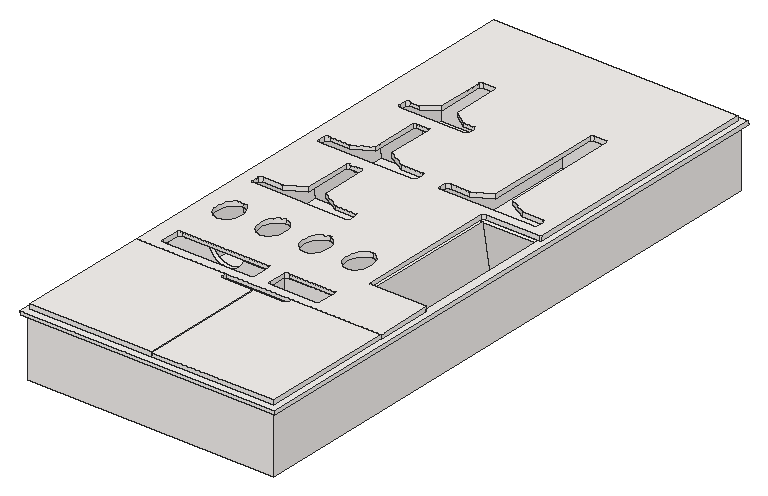
Revit family "Medical_Casework_Shield-Casework_PPE-Cabinet2", category Casework, host Face, Revit 2020
Family settings
  Host = Face
  OmniClass Number = 23.40.35.17.34
  OmniClass Title = Medical Casework
  Cut with Voids When Loaded = No
  Shared = No
  Room Calculation Point = No
Parameters (values of type "In-wall PPE Storage")
  Width = 2' - 7"  # constant formula
  URL = "https://www.shieldcasework.com/"
  Product data url = ""
  Product Material [instance] = Shield Casework - Acrylic Solid Surface - S01 White
  Product Guid = ""
  Opening Lines Ref. Level [instance] = no
  Opening Lines Elevation [instance] = no
  Model = "PPE Cabinet"  # constant formula
  Manufacturer = "Shield Casework"  # constant formula
  Keynote = "12300"
  Height = 6' - 0"  # constant formula
  Hand Sanitizer Drip Tray [instance] = Drip Tray : Flat
  Finish = "Acrylic Solid Surface"  # constant formula
  Edition number = 1  # constant formula
  Description = "In-wall PPE Storage"  # constant formula
  Depth = 0' - 8 1/4"  # constant formula
  Default Elevation = 0' - 0"  # constant formula
  Assembly Code = "E2010200"
Reference planes (in)
  plane 1 "Center (Front/Back)": y = 0
  plane 2: z = 0
  plane 3 "Center (Left/Right)": x = 0
  plane 4: y = 14
  plane 5: y = 50
  plane 6: y = 86
  plane 7 "left": x = -15.5
  plane 8 "right": x = 15.5
  plane 9: z = -7.125
  plane 10: z = 1.125
  plane 11: y = 22.75
  plane 12: y = 37.36956
  plane 13: y = 55.74444
  plane 14: x = 7.25
  plane 15: z = -6
  plane 16: y = 31.11944
  plane 17: y = 35.74444
Forms (in)
  Extrusion 1, solid, material "Shield Casework - Acrylic Solid Surface - S01 White" <- "Product Material", detail levels coarse
    sketch origin (0, 0, 0) x (1, 0, 0) y (0, 1, 0)
      loop
        line (-15.5, 86) -> (-15.5, 14) -> (15.5, 14) -> (15.5, 86) -> (-15.5, 86)
    from 0 to 1.125
  Extrusion 2, solid, detail levels coarse+medium
    sketch origin (0, 0, 0) x (1, 0, 0) y (0, 1, 0)
      loop
        line (-15, 85.5) -> (-15, 14.5) -> (15, 14.5) -> (15, 85.5) -> (-15, 85.5)
    from 0 to -7.125
  Sweep 3, solid, material "Shield Casework - Acrylic Solid Surface - S01 White" <- "Product Material", detail levels medium+fine
    path origin (0, 0, 0) x (1, 0, 0) y (0, 1, 0)
      loop
        line (15.5, 86) -> (-15.5, 86) -> (-15.5, 14) -> (15.5, 14) -> (15.5, 86)
    profile origin (0, 86, 0) x (0, -1, 0) y (0, 0, 1)
      loop
        line (0, 0) -> (1, 0) -> (1, 0.5) -> (0, 0.5) -> (0, 0)
  Sweep 4, solid, material "Shield Casework - Acrylic Solid Surface - S01 White" <- "Product Material", detail levels medium
    path origin (0, 0, 0) x (1, 0, 0) y (0, 1, 0)
      loop
        line (0, 85.25) -> (0, 30.96875)
    profile origin (0, 58.10938, 0) x (1, 0, 0) y (0, 0, 1)
      loop
        line (-14.875, 1.125) -> (-14.875, 0.625) -> (14.875, 0.625) -> (14.875, 1.125) -> (-14.875, 1.125)
  Sweep 5, solid, material "Shield Casework - Acrylic Solid Surface - S01 White" <- "Product Material", detail levels medium
    path origin (0, 0, 0) x (1, 0, 0) y (0, 1, 0)
      loop
        line (0, 14.625) -> (0, 30.875)
    profile origin (0, 22.75, 0) x (-1, 0, 0) y (0, 0, 1)
      loop
        line (14.875, 1.125) -> (0.04688, 1.125) -> (0.04688, 0.625) -> (14.875, 0.625) -> (14.875, 1.125)
      loop
        line (-14.875, 1.125) -> (-14.875, 0.625) -> (-0.04687, 0.625) -> (-0.04687, 1.125) -> (-14.875, 1.125)
  Sweep 6, solid, material "Shield Casework - Acrylic Solid Surface - S01 White" <- "Product Material", detail levels fine
    path origin (0, 0, 0) x (1, 0, 0) y (0, 1, 0)
      loop
        line (-15, 85.5) -> (-15, 14.5) -> (15, 14.5) -> (15, 85.5) -> (-15, 85.5)
    profile origin (0, 85.5, 0) x (0, 1, 0) y (0, 0, 1)
      loop
        line (0, 0) -> (-0.5, 0) -> (-0.5, -7.125) -> (0, -7.125) -> (0, 0)
  Sweep 7, solid, material "Shield Casework - Acrylic Solid Surface - S01 White" <- "Product Material", detail levels fine
    path origin (-60, -180, -7.125) x (-1, 0, 0) y (0, -1, 0)
      loop
        line (-60, -265) -> (-60, -195)
    profile origin (0, 50, -7.125) x (1, 0, 0) y (0, 0, 1)
      loop
        line (-14.5, 1.125) -> (-14.5, 0.5) -> (14.5, 0.5) -> (14.5, 1.125) -> (-14.5, 1.125)
  Sweep 8, solid, material "Shield Casework - Acrylic Solid Surface - S01 White" <- "Product Material", detail levels fine
    path origin (0, 0, 0) x (1, 0, 0) y (0, 1, 0)
      loop
        line (0, 85.25) -> (0, 30.96875)
    profile origin (0, 58.10938, 0) x (1, 0, 0) y (0, 0, 1)
      loop
        line (-14.875, 1.125) -> (-14.875, 0.625) -> (14.875, 0.625) -> (14.875, 1.125) -> (-14.875, 1.125)
  Sweep 9, solid, material "Shield Casework - Acrylic Solid Surface - S01 White" <- "Product Material", detail levels fine
    path origin (0, 0, 0) x (1, 0, 0) y (0, 1, 0)
      loop
        line (0, 14.625) -> (0, 30.875)
    profile origin (0, 22.75, 0) x (-1, 0, 0) y (0, 0, 1)
      loop
        line (14.875, 1.125) -> (0.04688, 1.125) -> (0.04688, 0.625) -> (14.875, 0.625) -> (14.875, 1.125)
      loop
        line (-14.875, 1.125) -> (-14.875, 0.625) -> (-0.04687, 0.625) -> (-0.04687, 1.125) -> (-14.875, 1.125)
  Extrusion 10, void
    sketch origin (0, 0, 0) x (1, 0, 0) y (0, 1, 0)
      loop
        line (-15, 85.5) -> (-15, 14.5) -> (15, 14.5) -> (15, 85.5) -> (-15, 85.5)
    from 0 to -7.125
  Extrusion 11, void
    sketch origin (-60, -180, 1.125) x (-1, 0, 0) y (0, -1, 0)
      loop
        line (-68.14589, -217.86956) -> (-74.74995, -217.86956)
        arc (-74.74995, -217.86956) -> (-74.83845, -217.8329) -> (-74.87511, -217.7444) r 0.12516
        line (-74.87511, -217.7444) -> (-74.87511, -235.36674)
        arc (-74.87511, -235.36674) -> (-74.83929, -235.28027) -> (-74.75281, -235.24444) r 0.1223
        line (-74.75281, -235.24444) -> (-68.14747, -235.24444)
        arc (-68.14747, -235.24444) -> (-67.91057, -235.14632) -> (-67.81244, -234.90942) r 0.33503
        line (-67.81244, -234.90942) -> (-67.81244, -218.203)
        arc (-67.81244, -218.203) -> (-67.91011, -217.96722) -> (-68.14589, -217.86956) r 0.33344
      loop
        spline (-48.62511, -222.74463) -> (-48.23688, -222.67648) -> (-47.87511, -222.47667) -> (-47.56445, -222.15881) -> (-47.32608, -221.74458) -> (-47.17623, -221.2622) -> (-47.12511, -220.74454) -> (-47.17623, -220.22688) -> (-47.32608, -219.74449) -> (-47.56445, -219.33026) -> (-47.87511, -219.01241) -> (-48.23688, -218.8126) -> (-48.62511, -218.74445)
        spline (-48.62511, -218.74445) -> (-49.01334, -218.8126) -> (-49.37511, -219.01241) -> (-49.68577, -219.33026) -> (-49.92415, -219.74449) -> (-50.074, -220.22688) -> (-50.12511, -220.74454) -> (-50.074, -221.2622) -> (-49.92415, -221.74458) -> (-49.68577, -222.15881) -> (-49.37511, -222.47667) -> (-49.01334, -222.67648) -> (-48.62511, -222.74463)
      loop
        spline (-53.87474, -222.74453) -> (-53.48653, -222.67632) -> (-53.12481, -222.47645) -> (-52.81421, -222.15856) -> (-52.57591, -221.74429) -> (-52.42614, -221.26189) -> (-52.37511, -220.74423) -> (-52.4263, -220.22659) -> (-52.57623, -219.74424) -> (-52.81466, -219.33005) -> (-53.12536, -219.01225) -> (-53.48715, -218.8125) -> (-53.87538, -218.74442)
        spline (-53.87538, -218.74442) -> (-54.26358, -218.81263) -> (-54.6253, -219.01249) -> (-54.9359, -219.33039) -> (-55.17421, -219.74465) -> (-55.32397, -220.22705) -> (-55.375, -220.74471) -> (-55.32381, -221.26236) -> (-55.17389, -221.74471) -> (-54.93545, -222.1589) -> (-54.62475, -222.47669) -> (-54.26296, -222.67644) -> (-53.87474, -222.74453)
      loop
        spline (-59.12514, -222.74459) -> (-58.7369, -222.67645) -> (-58.37512, -222.47665) -> (-58.06445, -222.15881) -> (-57.82606, -221.74459) -> (-57.6762, -221.26222) -> (-57.62507, -220.74456) -> (-57.67618, -220.22691) -> (-57.82602, -219.74453) -> (-58.06439, -219.33029) -> (-58.37505, -219.01244) -> (-58.73682, -218.81262) -> (-59.12505, -218.74447)
        spline (-59.12505, -218.74447) -> (-59.51328, -218.81261) -> (-59.87506, -219.01241) -> (-60.18574, -219.33025) -> (-60.42413, -219.74447) -> (-60.57399, -220.22684) -> (-60.62511, -220.7445) -> (-60.57401, -221.26215) -> (-60.42417, -221.74453) -> (-60.1858, -222.15876) -> (-59.87514, -222.47662) -> (-59.51337, -222.67643) -> (-59.12514, -222.74459)
      loop
        spline (-64.37509, -222.74462) -> (-63.98688, -222.67647) -> (-63.62512, -222.47667) -> (-63.31447, -222.15883) -> (-63.07609, -221.7446) -> (-62.92624, -221.26222) -> (-62.87512, -220.74456) -> (-62.92622, -220.2269) -> (-63.07606, -219.74451) -> (-63.31441, -219.33028) -> (-63.62505, -219.01242) -> (-63.9868, -218.8126) -> (-64.37501, -218.74445)
        spline (-64.37501, -218.74445) -> (-64.76322, -218.81259) -> (-65.12498, -219.01239) -> (-65.43563, -219.33024) -> (-65.67401, -219.74446) -> (-65.82386, -220.22684) -> (-65.87498, -220.7445) -> (-65.82388, -221.26216) -> (-65.67405, -221.74455) -> (-65.43569, -222.15879) -> (-65.12505, -222.47664) -> (-64.7633, -222.67646) -> (-64.37509, -222.74462)
      loop
        line (-66.18914, -214.66644) -> (-60.59764, -214.66644)
        arc (-60.59764, -214.66644) -> (-60.36156, -214.56866) -> (-60.26378, -214.33258) r 0.33386
        line (-60.26378, -214.33258) -> (-60.26378, -212.24659)
        arc (-60.26378, -212.24659) -> (-60.36048, -212.01314) -> (-60.59392, -211.91644) r 0.33015
        line (-60.59392, -211.91644) -> (-66.17834, -211.91644)
        arc (-66.17834, -211.91644) -> (-66.41553, -212.01469) -> (-66.51378, -212.25188) r 0.33544
        line (-66.51378, -212.25188) -> (-66.51378, -214.3418)
        arc (-66.51378, -214.3418) -> (-66.41869, -214.57136) -> (-66.18914, -214.66644) r 0.32464
      loop
        line (-58.5, -212.24829) -> (-58.5, -214.33051)
        arc (-58.5, -214.33051) -> (-58.40161, -214.56805) -> (-58.16407, -214.66644) r 0.33593
        line (-58.16407, -214.66644) -> (-47.58195, -214.66644)
        arc (-47.58195, -214.66644) -> (-47.34723, -214.56922) -> (-47.25, -214.33449) r 0.33195
        line (-47.25, -214.33449) -> (-47.25, -212.26771)
        arc (-47.25, -212.26771) -> (-47.35288, -212.01933) -> (-47.60127, -211.91644) r 0.35127
        line (-47.60127, -211.91644) -> (-58.16815, -211.91644)
        arc (-58.16815, -211.91644) -> (-58.4028, -212.01364) -> (-58.5, -212.24829) r 0.33185
      loop
        line (-68.13911, -253.57778) -> (-66.63911, -253.57778)
        arc (-66.63911, -253.57778) -> (-66.46233, -253.50455) -> (-66.38911, -253.32778) r 0.25
        line (-66.38911, -253.32778) -> (-66.38911, -239.03022) -> (-64.18689, -237.82778) -> (-61.77537, -237.82778)
        arc (-61.77537, -237.82778) -> (-61.50224, -237.71464) -> (-61.38911, -237.44152) r 0.38626
        line (-61.38911, -237.44152) -> (-61.38911, -236.71565)
        arc (-61.38911, -236.71565) -> (-61.50272, -236.44138) -> (-61.77699, -236.32778) r 0.38787
        line (-61.77699, -236.32778) -> (-73.00911, -236.32778)
        arc (-73.00911, -236.32778) -> (-73.27781, -236.43908) -> (-73.38911, -236.70778) r 0.38
        line (-73.38911, -236.70778) -> (-73.38911, -237.45402)
        arc (-73.38911, -237.45402) -> (-73.27964, -237.71831) -> (-73.01535, -237.82778) r 0.37376
        line (-73.01535, -237.82778) -> (-70.55556, -237.82778) -> (-68.38911, -239.03022) -> (-68.38911, -253.32778)
        arc (-68.38911, -253.32778) -> (-68.31589, -253.50455) -> (-68.13911, -253.57778) r 0.25
      loop
        line (-51.68756, -244.66889) -> (-51.68756, -239.03022) -> (-49.48503, -237.82778) -> (-47.07216, -237.82778)
        arc (-47.07216, -237.82778) -> (-46.8002, -237.71513) -> (-46.68756, -237.44317) r 0.38461
        line (-46.68756, -237.44317) -> (-46.68756, -236.70353)
        arc (-46.68756, -236.70353) -> (-46.79761, -236.43783) -> (-47.06331, -236.32778) r 0.37575
        line (-47.06331, -236.32778) -> (-58.30437, -236.32778)
        arc (-58.30437, -236.32778) -> (-58.57532, -236.44001) -> (-58.68756, -236.71096) r 0.38318
        line (-58.68756, -236.71096) -> (-58.68756, -237.44568)
        arc (-58.68756, -237.44568) -> (-58.57564, -237.71586) -> (-58.30546, -237.82778) r 0.3821
        line (-58.30546, -237.82778) -> (-55.85425, -237.82778) -> (-53.68756, -239.03022) -> (-53.68756, -244.66889)
        arc (-53.68756, -244.66889) -> (-53.61433, -244.84567) -> (-53.43756, -244.91889) r 0.25
        line (-53.43756, -244.91889) -> (-51.93756, -244.91889)
        arc (-51.93756, -244.91889) -> (-51.76078, -244.84567) -> (-51.68756, -244.66889) r 0.25
      loop
        line (-51.68756, -234.58556) -> (-51.68756, -228.94667) -> (-49.48533, -227.74444) -> (-47.07473, -227.74444)
        arc (-47.07473, -227.74444) -> (-46.80096, -227.63104) -> (-46.68756, -227.35727) r 0.38717
        line (-46.68756, -227.35727) -> (-46.68756, -226.62961)
        arc (-46.68756, -226.62961) -> (-46.80037, -226.35726) -> (-47.07272, -226.24444) r 0.38517
        line (-47.07272, -226.24444) -> (-58.30839, -226.24444)
        arc (-58.30839, -226.24444) -> (-58.5765, -226.3555) -> (-58.68756, -226.62361) r 0.37917
        line (-58.68756, -226.62361) -> (-58.68756, -227.36378)
        arc (-58.68756, -227.36378) -> (-58.57606, -227.63295) -> (-58.30689, -227.74444) r 0.38067
        line (-58.30689, -227.74444) -> (-55.854, -227.74444) -> (-53.68756, -228.94667) -> (-53.68756, -234.58556)
        arc (-53.68756, -234.58556) -> (-53.61433, -234.76233) -> (-53.43756, -234.83556) r 0.25
        line (-53.43756, -234.83556) -> (-51.93756, -234.83556)
        arc (-51.93756, -234.83556) -> (-51.76078, -234.76233) -> (-51.68756, -234.58556) r 0.25
      loop
        line (-53.43756, -255.00222) -> (-51.93756, -255.00222)
        arc (-51.93756, -255.00222) -> (-51.76078, -254.929) -> (-51.68756, -254.75222) r 0.25
        line (-51.68756, -254.75222) -> (-51.68756, -249.11333) -> (-49.98488, -247.91111) -> (-48.81388, -247.91111)
        arc (-48.81388, -247.91111) -> (-48.54778, -247.80089) -> (-48.43756, -247.53478) r 0.37633
        line (-48.43756, -247.53478) -> (-48.43756, -246.78539)
        arc (-48.43756, -246.78539) -> (-48.54718, -246.52074) -> (-48.81184, -246.41111) r 0.37428
        line (-48.81184, -246.41111) -> (-56.56523, -246.41111)
        arc (-56.56523, -246.41111) -> (-56.8285, -246.52016) -> (-56.93756, -246.78344) r 0.37233
        line (-56.93756, -246.78344) -> (-56.93756, -247.53065)
        arc (-56.93756, -247.53065) -> (-56.82612, -247.79968) -> (-56.55709, -247.91111) r 0.38046
        line (-56.55709, -247.91111) -> (-55.35415, -247.91111) -> (-53.68756, -249.11333) -> (-53.68756, -254.75222)
        arc (-53.68756, -254.75222) -> (-53.61433, -254.929) -> (-53.43756, -255.00222) r 0.25
      loop
        line (-56.30949, -210.11956) -> (-63.69666, -210.11956)
        arc (-63.69666, -210.11956) -> (-63.92844, -210.21556) -> (-64.02444, -210.44734) r 0.32778
        line (-64.02444, -210.44734) -> (-64.02444, -210.91372) -> (-55.97556, -210.91372) -> (-55.97556, -210.45349)
        arc (-55.97556, -210.45349) -> (-56.07336, -210.21736) -> (-56.30949, -210.11956) r 0.33393
    from -1.125 to 0.89905
  Extrusion 12, solid, material "Shield Casework - Acrylic Solid Surface - S01 White" <- "Product Material", detail levels fine
    sketch origin (0, 0, 0) x (0, 1, 0) y (0, 0, 1)
      loop
        line (31.11944, 0.25) -> (30.61944, 0.25) -> (30.61944, -7.125) -> (31.11944, -7.125) -> (31.11944, 0.25)
    from -14.5 to 14.5
  Extrusion 13, solid, material "Shield Casework - Acrylic Solid Surface - S01 White" <- "Product Material", detail levels fine
    sketch origin (0, 0, 0) x (0, 1, 0) y (0, 0, 1)
      loop
        line (77.24444, 0.25) -> (76.74444, 0.25) -> (76.74444, -7.125) -> (77.24444, -7.125) -> (77.24444, 0.25)
    from -14.5 to 14.5
  Extrusion 14, solid, material "Shield Casework - Acrylic Solid Surface - S01 White" <- "Product Material", detail levels fine
    sketch origin (-22.5, 35.74444, 48) x (-1, 0, 0) y (0, 0, 1)
      loop
        arc (-13.11811, -47.75) -> (-15.18756, -49.25) -> (-17.257, -47.75) r 2.17754
        line (-17.257, -47.75) -> (-29.75, -47.75) -> (-29.75, -54) -> (-8, -54) -> (-8, -47.75) -> (-13.11811, -47.75)
    from 0 to -0.5
  Extrusion 15, solid, material "Shield Casework - Acrylic Solid Surface - S01 White" <- "Product Material", detail levels fine
    sketch origin (0, 0, 0) x (1, 0, 0) y (0, 1, 0)
      loop
        line (-0.86814, 35.24444) -> (-0.86814, 31.11944) -> (-0.36814, 31.11944) -> (-0.36814, 35.24444) -> (-0.86814, 35.24444)
    from -6 to 0.25
  Extrusion 16, solid, material "Shield Casework - Acrylic Solid Surface - S01 White" <- "Product Material", detail levels fine
    sketch origin (-22.5, 38.36101, 47.26644) x (-1, 0, 0) y (0, -0.173648, 0.984808)
      loop
        arc (-13.11811, -47.75) -> (-15.18756, -49.25) -> (-17.257, -47.75) r 2.17754
        line (-17.257, -47.75) -> (-29.75, -47.75) -> (-29.75, -54) -> (-8, -54) -> (-8, -47.75) -> (-13.11811, -47.75)
    from 0 to -0.5
  Extrusion 17, solid, material "Shield Casework - Acrylic Solid Surface - S01 White" <- "Product Material", detail levels fine
    sketch origin (0, 0, 0) x (0, 1, 0) y (0, 0, 1)
      loop
        line (76.74444, -6) -> (76.74444, 0.24187) -> (46.65271, 0.24187) -> (47.75332, -6) -> (76.74444, -6)
    from -0.25 to 0.25
  Extrusion 18, solid, material "Shield Casework - Acrylic Solid Surface - S01 White" <- "Product Material", detail levels fine
    sketch origin (-22.5, 48.65348, 47.26644) x (-1, 0, 0) y (0, -0.173648, 0.984808)
      loop
        arc (-13.11811, -47.75) -> (-15.18756, -49.25) -> (-17.257, -47.75) r 2.17754
        line (-17.257, -47.75) -> (-22.25, -47.75) -> (-22.25, -54) -> (-8, -54) -> (-8, -47.75) -> (-13.11811, -47.75)
    from 0 to -0.5
  Extrusion 19, solid, material "Shield Casework - Acrylic Solid Surface - S01 White" <- "Product Material", detail levels fine
    sketch origin (-22.5, 58.73681, 47.26644) x (-1, 0, 0) y (0, -0.173648, 0.984808)
      loop
        arc (-13.11811, -47.75) -> (-15.18756, -49.25) -> (-17.257, -47.75) r 2.17754
        line (-17.257, -47.75) -> (-22.25, -47.75) -> (-22.25, -54) -> (-8, -54) -> (-8, -47.75) -> (-13.11811, -47.75)
    from 0 to -0.5
  Extrusion 20, solid, material "Shield Casework - Acrylic Solid Surface - S01 White" <- "Product Material", detail levels fine
    sketch origin (-22.5, 47.44658, 47.26644) x (-1, 0, 0) y (0, -0.173648, 0.984808)
      loop
        line (-22.75, -47.75) -> (-37, -47.75) -> (-37, -54) -> (-22.75, -54) -> (-22.75, -47.75)
    from 0 to -0.5
  Extrusion 21, solid, material "Shield Casework - Acrylic Solid Surface - S01 White" <- "Product Material", detail levels fine
    sketch origin (7.25, 57.56858, 48) x (0, 1, 0) y (0, 0, 1)
      loop
        line (-1.24073, -54) -> (-2.34277, -47.75) -> (-26.44913, -47.75) -> (-26.44913, -54) -> (-1.24073, -54)
    from 0 to 0.5
Cuts and joins
  Extrusion 11 cuts Sweep 8
  Extrusion 11 cuts Sweep 9
  joined: Sweep 7, Extrusion 12, Extrusion 13
Lines and regions (in)
  Masking region 1, detail levels coarse+medium
    outline origin (0, 0, 0) x (1, 0, 0) y (0, 0, 1)
      loop
        line (-15, -7.125) -> (15, -7.125) -> (15, 0) -> (15.5, 0) -> (15.5, 1.125) -> (-15.5, 1.125) -> (-15.5, 0) -> (-15, 0) -> (-15, -7.125)
  Masking region 2, detail levels medium
    outline origin (0, 0, 0) x (1, 0, 0) y (0, 0, 1)
      loop
        line (-15.5, 1.125) -> (-15.5, 0) -> (15.5, 0) -> (15.5, 1.125) -> (-15.5, 1.125)
  Masking region 3, detail levels fine
    outline origin (0, 0, 0) x (1, 0, 0) y (0, 0, 1)
      loop
        line (-15.5, 0.5) -> (-15.5, 0) -> (15.5, 0) -> (15.5, 0.5) -> (-15.5, 0.5)
  Masking region 4, detail levels fine
    outline origin (0, 0, 0) x (1, 0, 0) y (0, 0, 1)
      loop
        line (-14.875, 1.125) -> (-14.875, 0.625) -> (14.875, 0.625) -> (14.875, 1.125) -> (-14.875, 1.125)
  Masking region 5, detail levels fine
    outline origin (0, 0, 0) x (1, 0, 0) y (0, 0, 1)
      loop
        line (-15, 0) -> (-15, -7.125) -> (15, -7.125) -> (15, 0) -> (-15, 0)
  symbolic lines, style "Casework", visible <- "Opening Lines Ref. Level"
    curve 1: line (-14.875, 0, 0.625) -> (-14.875, 0, 30.375)
    curve 2: arc (-14.875, 0, 30.375) -> (6.16143, 0, 21.66143) -> (14.875, 0, 0.625) r 29.75
  symbolic lines, style "Casework", visible <- "Opening Lines Elevation"
    curve 3: line (-14.875, 85.25, 1.125) -> (14.875, 58.10938, 1.125)
    curve 4: line (14.875, 58.10938, 1.125) -> (-14.9392, 30.91018, 1.125)
    curve 5: line (-0.04688, 22.75, 1.125) -> (-14.875, 14.625, 1.125)
    curve 6: line (14.875, 30.875, 1.125) -> (0.04687, 22.75, 1.125)
    curve 7: line (0.04687, 22.75, 1.125) -> (14.875, 14.625, 1.125)
    curve 8: line (-14.9392, 30.91018, 1.125) -> (-0.04688, 22.75, 1.125)
  symbolic lines, visible <- "Opening Lines Ref. Level"
    curve 9: line (-14.875, 0, 0.625) -> (-14.875, 0, 15.45312)
    curve 10: arc (-14.875, 0, 15.45312) -> (-4.38993, 0, 11.11007) -> (-0.04687, 0, 0.625) r 14.82813
    curve 11: line (14.875, 0, 0.625) -> (14.875, 0, 15.45312)
    curve 12: arc (14.875, 0, 15.45312) -> (4.38993, 0, 11.11007) -> (0.04688, 0, 0.625) r 14.82813
Dimensions and locks (in)
  equal spacing: plane 6, plane 5, plane 4
  "Height": plane 6 to plane 4
  equal spacing: plane 7 "left", plane 3 "Center (Left/Right)", plane 8 "right"
  "Width": plane 7 "left" to plane 8 "right"
  locked: plane 10 to plane 2 at 1.125
  "Depth": plane 10 to plane 9
  locked: plane 4 to plane 1 "Center (Front/Back)" at 14
  locked: plane 6 to Extrusion 2 sketch curve at 0.5
  locked: Extrusion 2 sketch curve to plane 8 "right" at 0.5
  locked: plane 7 "left" to Extrusion 2 sketch curve at 0.5
  locked: Extrusion 2 sketch curve to plane 4 at 0.5
  locked: profile plane to Sweep 3 sketch curve at 1
  locked: Sweep 3 sketch curve to profile plane at 0.5
  locked: plane 6 to Sweep 4 sketch curve at 0.75
  locked: Sweep 4 sketch curve to Sweep 4 sketch curve at 54.28125
  locked: Sweep 4 sketch curve to plane 7 "left" at 0.625
  locked: plane 8 "right" to Sweep 4 sketch curve at 0.625
  locked: plane 10 to Sweep 4 sketch curve at 0.5
  locked: Sweep 5 sketch curve to plane 4 at 0.625
  locked: Sweep 5 sketch curve to Sweep 5 sketch curve at 16.25
  locked: plane 8 "right" to Sweep 5 sketch curve at 0.625
  locked: Sweep 5 sketch curve to plane 7 "left" at 0.625
  locked: plane 10 to Sweep 5 sketch curve at 0.5  (x2)
  locked: Sweep 5 sketch curve to Sweep 5 sketch curve at 14.82813  (x2)
  locked: plane 6 to Sweep 6 sketch curve at 0.5  (x2)
  locked: plane 7 "left" to Sweep 6 sketch curve at 0.5
  locked: Sweep 6 sketch curve to plane 8 "right" at 0.5
  locked: Sweep 6 sketch curve to plane 4 at 0.5
  locked: Extrusion 2 to Sweep 6 sketch curve at 0.5
  locked: plane 6 to Sweep 7 sketch curve at 1
  locked: Sweep 7 sketch curve to plane 4 at 1
  locked: Sweep 7 sketch curve to plane 7 "left" at 1
  locked: plane 8 "right" to Sweep 7 sketch curve at 1
  Sweep 7 sketch curve to plane 9 = 0' - 0 1/2"
  locked: Sweep 7 sketch curve to Sweep 7 sketch curve at 0.625
  locked: Sweep 8 sketch curve to Sweep 8 sketch curve at 54.28125
  locked: plane 6 to Sweep 8 sketch curve at 0.75
  locked: plane 8 "right" to Sweep 8 sketch curve at 0.625
  locked: Sweep 8 sketch curve to plane 7 "left" at 0.625
  locked: Sweep 8 sketch curve to plane 10 at 0.5
  locked: Sweep 9 sketch curve to Sweep 9 sketch curve at 16.25
  locked: Sweep 9 sketch curve to Sweep 9 sketch curve at 14.82813  (x2)
  locked: Sweep 9 sketch curve to plane 4 at 0.625
  locked: plane 8 "right" to Sweep 9 sketch curve at 0.625
  locked: Sweep 9 sketch curve to plane 7 "left" at 0.625
  locked: Sweep 9 sketch curve to plane 10 at 0.5  (x2)
  locked: plane 6 to Extrusion 10 sketch curve at 0.5
  locked: Extrusion 10 sketch curve to plane 4 at 0.5
  locked: Extrusion 10 sketch curve to plane 8 "right" at 0.5
  locked: plane 7 "left" to Extrusion 10 sketch curve at 0.5
  locked: plane 8 "right" to Masking region 1 sketch curve at 0.5
  locked: Masking region 1 sketch curve to plane 7 "left" at 0.5
  locked: Masking region 3 sketch curve to plane 2 at 0.5
  locked: Masking region 4 sketch curve to plane 7 "left" at 0.625
  locked: plane 8 "right" to Masking region 4 sketch curve at 0.625
  locked: plane 10 to Masking region 4 sketch curve at 0.5
  locked: Masking region 5 sketch curve to plane 7 "left" at 0.5
  locked: plane 8 "right" to Masking region 5 sketch curve at 0.5
  plane 13 to plane 5 to plane 12 = 0' - 5.74444" locked, 1' - 0.63044" locked
  plane 14 to plane 8 "right" = 0' - 8 1/4"
  locked: plane 15 to plane 9 at 1.125
  locked: plane 8 "right" to nested 1 at 1
  plane 12 to plane 4 = 1' - 11.36956"
  aligned and locked: plane 2 to host face
  aligned and locked: level to host face
  aligned and locked: Extrusion 1 sketch curve to plane 6
  aligned and locked: plane 7 "left" to Extrusion 1 sketch curve
  aligned and locked: Extrusion 1 sketch curve to plane 8 "right"
  aligned and locked: plane 4 to Extrusion 1 sketch curve
  aligned and locked: plane 10 to Extrusion 1
  aligned and locked: plane 2 to Extrusion 1
  aligned and locked: plane 2 to Extrusion 2
  aligned and locked: Extrusion 2 to plane 9
  aligned and locked: plane 6 to Sweep 3 sketch curve
  aligned and locked: plane 8 "right" to Sweep 3 sketch curve
  aligned and locked: Sweep 3 sketch curve to plane 4
  aligned and locked: Sweep 3 sketch curve to plane 7 "left"
  aligned and locked: profile plane to Sweep 3 sketch curve
  aligned and locked: Sweep 3 sketch curve to profile plane
  aligned and locked: Sweep 4 sketch curve to plane 3 "Center (Left/Right)"
  aligned and locked: Sweep 4 sketch curve to plane 10
  aligned and locked: plane 3 "Center (Left/Right)" to Sweep 5 sketch curve
  aligned and locked: Sweep 5 sketch curve to plane 10
  aligned and locked: plane 10 to Sweep 5 sketch curve
  aligned and locked: plane 9 to Sweep 6 sketch curve
  aligned and locked: Sweep 6 sketch curve to plane 2
  aligned and locked: Sweep 7 sketch curve to plane 3 "Center (Left/Right)"
  aligned and locked: Sweep 8 sketch curve to plane 3 "Center (Left/Right)"
  aligned and locked: plane 10 to Sweep 8 sketch curve
  aligned and locked: Sweep 9 sketch curve to plane 10
  aligned and locked: plane 10 to Sweep 9 sketch curve
  aligned and locked: plane 2 to Extrusion 10
  aligned and locked: Extrusion 10 to plane 9
  aligned and locked: Extrusion 11 to plane 2
  aligned and locked: Masking region 1 sketch curve to plane 7 "left"
  aligned and locked: plane 8 "right" to Masking region 1 sketch curve
  aligned and locked: plane 10 to Masking region 1 sketch curve
  aligned and locked: Masking region 1 sketch curve to plane 9
  aligned and locked: Masking region 2 sketch curve to plane 8 "right"
  aligned and locked: plane 7 "left" to Masking region 2 sketch curve
  aligned and locked: Masking region 2 sketch curve to plane 10
  aligned and locked: plane 2 to Masking region 2 sketch curve
  aligned and locked: Masking region 3 sketch curve to plane 8 "right"
  aligned and locked: plane 7 "left" to Masking region 3 sketch curve
  aligned and locked: plane 2 to Masking region 3 sketch curve
  aligned and locked: Masking region 4 sketch curve to plane 10
  aligned and locked: Masking region 5 sketch curve to plane 2
  aligned and locked: plane 9 to Masking region 5 sketch curve
  aligned and locked: nested 1 to plane 15
  aligned and locked: plane 12 to nested 1
  aligned and locked: plane 16 to cut or joined group of Sweep 7, Extrusion 12, Extrusion 13
  aligned and locked: Extrusion 14 sketch curve to plane 14
  aligned and locked: Extrusion 14 sketch curve to plane 15
  aligned and locked: plane 16 to Extrusion 15 sketch curve
  aligned and locked: Extrusion 15 to plane 15
Automatic sketch dimensions
  curve 2 to curve 10 = 0' - 0"  (x2)
  plane 7 "left" to curve 1 = 0' - 0 5/8"
  curve 11 to plane 8 "right" = 0' - 0 5/8"
  curve 1 to plane 10 = 0' - 0 1/2"
  curve 12 to plane 10 = 0' - 0 1/2"
  curve 2 to curve 1 = 0' - 0"
  plane 10 to curve 9 = 1' - 2 21/64"
  plane 10 to curve 11 = 1' - 2 21/64"
  curve 9 to curve 1 = 1' - 2 59/64"
  curve 11 to curve 2 = 0' - 0"
  host sketch curve to host sketch curve = 8' - 0"
  host sketch curve to host sketch curve = 18' - 7.37628"
  Sweep 9 sketch curve to plane 3 "Center (Left/Right)" = 0' - 0"
  Extrusion 11 sketch curve to plane 8 "right" = 0' - 0.62489"
  Extrusion 11 sketch curve to Extrusion 11 sketch curve = 0' - 0.1223"
  Extrusion 11 sketch curve to Extrusion 11 sketch curve = 0' - 0.12516"
  Extrusion 11 sketch curve to plane 8 "right" = 0' - 2.11089"
  Extrusion 11 sketch curve to Extrusion 11 sketch curve = 0' - 0.37376"
  Extrusion 11 sketch curve to Extrusion 11 sketch curve = 0' - 0.38"
  Extrusion 11 sketch curve to Extrusion 11 sketch curve = 0' - 2.4598"
  plane 14 to Extrusion 11 sketch curve = 0' - 1.13911"
  plane 14 to Extrusion 11 sketch curve = 0' - 0.89747"
  plane 14 to Extrusion 11 sketch curve = 0' - 0.89589"
  Extrusion 11 sketch curve to Extrusion 11 sketch curve = 0' - 0 1/4"  (x5)
  Extrusion 11 sketch curve to Extrusion 11 sketch curve = 0' - 0.33344"
  Extrusion 11 sketch curve to plane 14 = 0' - 0.61089"
  Extrusion 11 sketch curve to plane 14 = 0' - 0.73622"
  Extrusion 11 sketch curve to plane 14 = 0' - 0.86089"
  Extrusion 11 sketch curve to Extrusion 11 sketch curve = 0' - 0.32464"
  Extrusion 11 sketch curve to Extrusion 11 sketch curve = 0' - 0.33544"
  Extrusion 11 sketch curve to Extrusion 11 sketch curve = 0' - 2.20222"  (x2)
  Extrusion 11 sketch curve to plane 16 = 0' - 0.20573"
  Extrusion 11 sketch curve to Extrusion 11 sketch curve = 0' - 2.1539"
  Extrusion 11 sketch curve to Extrusion 11 sketch curve = 0' - 0.32778"
  plane 13 to Extrusion 11 sketch curve = 0' - 0.58333"
  plane 3 "Center (Left/Right)" to Extrusion 11 sketch curve = 0' - 1.77699"
  Extrusion 11 sketch curve to Extrusion 11 sketch curve = 0' - 0.00161"
  Extrusion 11 sketch curve to Extrusion 11 sketch curve = 0' - 0.38787"
  plane 3 "Center (Left/Right)" to Extrusion 11 sketch curve = 0' - 0 153/256"
  plane 3 "Center (Left/Right)" to Extrusion 11 sketch curve = 0' - 0.59392"
  plane 3 "Center (Left/Right)" to Extrusion 11 sketch curve = 0' - 0.26378"
  Extrusion 11 sketch curve to plane 3 "Center (Left/Right)" = 0' - 1.31244"  (x2)
  Extrusion 11 sketch curve to plane 3 "Center (Left/Right)" = 0' - 1 1/2"
  Extrusion 11 sketch curve to Extrusion 11 sketch curve = 0' - 0.37917"
  Extrusion 11 sketch curve to Extrusion 11 sketch curve = 0' - 0.38067"
  Extrusion 11 sketch curve to Extrusion 11 sketch curve = 0' - 0.3821"
  Extrusion 11 sketch curve to Extrusion 11 sketch curve = 0' - 0.38318"
  Extrusion 11 sketch curve to Extrusion 11 sketch curve = 0' - 0.33185"
  Extrusion 11 sketch curve to Extrusion 11 sketch curve = 0' - 0 43/128"
  Extrusion 11 sketch curve to plane 3 "Center (Left/Right)" = 0' - 3.06244"
  Extrusion 11 sketch curve to Extrusion 11 sketch curve = 0' - 0.37233"
  Extrusion 11 sketch curve to Extrusion 11 sketch curve = 0' - 0.38046"
  Extrusion 11 sketch curve to plane 16 = 0' - 0.66595"
  Extrusion 11 sketch curve to Extrusion 11 sketch curve = 0' - 1.85866"
  Extrusion 11 sketch curve to Extrusion 11 sketch curve = 0' - 0.33393"
  Extrusion 11 sketch curve to Extrusion 11 sketch curve = 0' - 2.4512"
  Extrusion 11 sketch curve to Extrusion 11 sketch curve = 0' - 2.45289"
  Extrusion 11 sketch curve to Extrusion 11 sketch curve = 0' - 1.20295"
  Extrusion 11 sketch curve to plane 3 "Center (Left/Right)" = 0' - 6.31244"
  Extrusion 11 sketch curve to Extrusion 11 sketch curve = 0' - 2.87767"
  Extrusion 11 sketch curve to Extrusion 11 sketch curve = 0' - 2.16644"
  Extrusion 11 sketch curve to Extrusion 11 sketch curve = 0' - 1 1/2"  (x3)
  Extrusion 11 sketch curve to Extrusion 11 sketch curve = 0' - 2"  (x2)
  Extrusion 11 sketch curve to Extrusion 11 sketch curve = 0' - 1.70268"
  Extrusion 11 sketch curve to plane 5 = 0' - 2.25556"  (x2)
  plane 13 to Extrusion 11 sketch curve = 0' - 2.08333"  (x4)
  Extrusion 11 sketch curve to Extrusion 11 sketch curve = 0' - 2.20252"
  Extrusion 11 sketch curve to Extrusion 11 sketch curve = 0' - 1.17099"
  Extrusion 11 sketch curve to Extrusion 11 sketch curve = 0' - 0.00205"
  Extrusion 11 sketch curve to Extrusion 11 sketch curve = 0' - 0.37428"
  plane 16 to Extrusion 11 sketch curve = 0' - 1.14827"
  plane 7 "left" to Extrusion 11 sketch curve = 0' - 3.10127"
  Extrusion 11 sketch curve to Extrusion 11 sketch curve = 0' - 0.01932"
  Extrusion 11 sketch curve to Extrusion 11 sketch curve = 0' - 0.35127"
  Extrusion 11 sketch curve to Extrusion 11 sketch curve = 0' - 2.4106"
  Extrusion 11 sketch curve to Extrusion 11 sketch curve = 0' - 0.00201"
  Extrusion 11 sketch curve to Extrusion 11 sketch curve = 0' - 2.41287"
  Extrusion 11 sketch curve to Extrusion 11 sketch curve = 0' - 0.00885"
  Extrusion 11 sketch curve to Extrusion 11 sketch curve = 0' - 0.37575"
  Extrusion 11 sketch curve to Extrusion 11 sketch curve = 0' - 0.38717"
  plane 13 to Extrusion 11 sketch curve = 0' - 3.28578"
  Extrusion 11 sketch curve to Extrusion 11 sketch curve = 0' - 1.20244"
  Extrusion 11 sketch curve to Extrusion 11 sketch curve = 0' - 0"  (x3)
  Extrusion 11 sketch curve to Extrusion 11 sketch curve = 0' - 5.63867"
  Extrusion 11 sketch curve to Extrusion 11 sketch curve = 0' - 1.74222"
  Extrusion 11 sketch curve to Extrusion 11 sketch curve = 0' - 0.74721"
  Extrusion 11 sketch curve to Extrusion 11 sketch curve = 0' - 0.74939"
  Extrusion 11 sketch curve to Extrusion 11 sketch curve = 0' - 1.20222"
  Extrusion 11 sketch curve to plane 6 = 1' - 0.67222"
  Extrusion 11 sketch curve to Extrusion 11 sketch curve = 0' - 5.63889"
  Extrusion 11 sketch curve to Extrusion 11 sketch curve = 0' - 0.73472"
  Extrusion 11 sketch curve to plane 13 = 0' - 0.3777"
  Extrusion 11 sketch curve to plane 13 = 0' - 0.90889"
  Extrusion 11 sketch curve to plane 5 = 0' - 1.05333"  (x2)
  Extrusion 11 sketch curve to Extrusion 11 sketch curve = 0' - 0.72766"
  plane 12 to Extrusion 11 sketch curve = 0' - 0.83344"
  Extrusion 11 sketch curve to plane 17 = 0' - 1.078"  (x2)
  plane 16 to Extrusion 11 sketch curve = 0' - 1.13244"
  Extrusion 11 sketch curve to plane 14 = 0' - 2.87491"
  Extrusion 11 sketch curve to plane 3 "Center (Left/Right)" = 0' - 0.87486"
  Extrusion 11 sketch curve to Extrusion 11 sketch curve = 0' - 5.25004"
  Extrusion 11 sketch curve to Extrusion 11 sketch curve = 0' - 0.00032"
  plane 7 "left" to Extrusion 11 sketch curve = 0' - 4.12511"
  Extrusion 11 sketch curve to Extrusion 11 sketch curve = 0' - 3.49982"
  plane 12 to Extrusion 11 sketch curve = 0' - 5.37506"
  Extrusion 11 sketch curve to Extrusion 11 sketch curve = 0' - 3.49985"
  Extrusion 11 sketch curve to Extrusion 11 sketch curve = 0' - 0.0001"
  Extrusion 11 sketch curve to Extrusion 11 sketch curve = 0' - 2.00009"  (x2)
  Extrusion 11 sketch curve to Extrusion 11 sketch curve = 0' - 2.00006"
  Masking region 1 sketch curve to level = 0' - 0"  (x2)
  curve 7 to plane 11 = 0' - 0"
  curve 8 to plane 11 = 0' - 0"
  curve 3 to plane 8 "right" = 0' - 0 5/8"
  plane 3 "Center (Left/Right)" to curve 7 = 0' - 0 3/64"
  curve 8 to plane 3 "Center (Left/Right)" = 0' - 0 3/64"
  curve 8 to plane 16 = 0' - 0.20926"
  plane 7 "left" to curve 8 = 0' - 0.5608"
  plane 13 to curve 3 = 0' - 2.36493"
  curve 7 to plane 8 "right" = 0' - 0 5/8"
  curve 6 to plane 16 = 0' - 0.24444"
  curve 6 to plane 8 "right" = 0' - 0 5/8"
  plane 7 "left" to curve 3 = 0' - 0 5/8"
  plane 7 "left" to curve 5 = 0' - 0 5/8"
  curve 3 to plane 6 = 0' - 0 3/4"
  plane 4 to curve 7 = 0' - 0 5/8"
  plane 4 to curve 5 = 0' - 0 5/8"
  Extrusion 12 sketch curve to plane 9 = 0' - 0"
  Extrusion 12 sketch curve to plane 16 = 0' - 0"
  Extrusion 12 sketch curve to Extrusion 12 sketch curve = 0' - 0 1/2"
  level to Extrusion 12 sketch curve = 0' - 0 1/4"
  Extrusion 13 sketch curve to plane 9 = 0' - 0"
  level to Extrusion 13 sketch curve = 0' - 0 1/4"
  Extrusion 13 sketch curve to plane 6 = 0' - 9.25556"
  Extrusion 13 sketch curve to Extrusion 13 sketch curve = 0' - 0 1/2"
  level to Extrusion 14 sketch curve = 0' - 0 1/4"  (x2)
  Extrusion 14 sketch curve to plane 3 "Center (Left/Right)" = 0' - 5.243"
  Extrusion 14 sketch curve to plane 10 = 0' - 0.19746"
  Extrusion 14 sketch curve to Extrusion 14 sketch curve = 0' - 2.06945"
  plane 7 "left" to Extrusion 14 sketch curve = 0' - 1"
  Extrusion 15 sketch curve to plane 3 "Center (Left/Right)" = 0' - 0.86814"
  Extrusion 15 sketch curve to plane 3 "Center (Left/Right)" = 0' - 0.36814"
  Extrusion 15 sketch curve to plane 17 = 0' - 0 1/2"
  Extrusion 16 sketch curve to plane 14 = 0' - 0"
  Extrusion 16 sketch curve to plane 3 "Center (Left/Right)" = 0' - 5.243"
  Extrusion 16 sketch curve to Extrusion 16 sketch curve = 0' - 2.06945"  (x2)
  plane 7 "left" to Extrusion 16 sketch curve = 0' - 1"
  Extrusion 16 sketch curve to Extrusion 16 sketch curve = 0' - 6 1/4"
  Extrusion 16 sketch curve to Extrusion 16 sketch curve = 0' - 0.67754"
  Extrusion 17 sketch curve to plane 15 = 0' - 0"
  level to Extrusion 17 sketch curve = 0' - 0.24187"
  Extrusion 17 sketch curve to plane 5 = 0' - 3.34729"
  Extrusion 17 sketch curve to plane 5 = 0' - 2.24668"
  Extrusion 17 sketch curve to plane 6 = 0' - 9.25556"
  Extrusion 18 sketch curve to plane 3 "Center (Left/Right)" = 0' - 0 1/4"
  Extrusion 18 sketch curve to Extrusion 18 sketch curve = 0' - 4.993"
  Extrusion 18 sketch curve to Extrusion 18 sketch curve = 0' - 2.06945"  (x2)
  plane 7 "left" to Extrusion 18 sketch curve = 0' - 1"
  Extrusion 18 sketch curve to Extrusion 18 sketch curve = 0' - 6 1/4"
  Extrusion 18 sketch curve to Extrusion 18 sketch curve = 0' - 0.67754"
  Extrusion 19 sketch curve to plane 3 "Center (Left/Right)" = 0' - 0 1/4"
  Extrusion 19 sketch curve to Extrusion 19 sketch curve = 0' - 4.993"
  Extrusion 19 sketch curve to Extrusion 19 sketch curve = 0' - 2.06945"  (x2)
  plane 7 "left" to Extrusion 19 sketch curve = 0' - 1"
  Extrusion 19 sketch curve to Extrusion 19 sketch curve = 0' - 6 1/4"
  Extrusion 19 sketch curve to Extrusion 19 sketch curve = 0' - 0.67754"
  plane 14 to Extrusion 20 sketch curve = 0' - 7 1/4"
  plane 3 "Center (Left/Right)" to Extrusion 20 sketch curve = 0' - 0 1/4"
  Extrusion 20 sketch curve to Extrusion 20 sketch curve = 0' - 6 1/4"
  Extrusion 21 sketch curve to plane 16 = 0' - 0"
  Extrusion 21 sketch curve to plane 15 = 0' - 0"
  Extrusion 21 sketch curve to plane 13 = 0' - 0.51864"
  level to Extrusion 21 sketch curve = 0' - 0 1/4"
  plane 13 to Extrusion 21 sketch curve = 0' - 0.5834"
Nested families (in)
  nested 1: "Drip Tray" at (7.75, 37.36956, 0.25) x (1, 0, 0) z (0, 1, 0), type <- "Hand Sanitizer Drip Tray", type "Flat", detail levels fine
Definition of nested family "Drip Tray"
  Parameters (values of type "Sloped tray")
    Flat = no
    Material = none
    Insert = no
    Default Elevation = 4' - 0"
    Sloped tray = yes
  Types (3): name | Flat | Insert | Sloped tray
    Flat | yes | no | no
    Sloped tray | no | no | yes
    Insert | no | yes | no
  Reference planes (in)
    plane 1 "Center (Front/Back)": y = 0
    plane 2: z = 0
    plane 3 "Center (Left/Right)": x = 0
    plane 4: y = 6.25
    plane 5: z = -5.34375
  Forms (in)
    Extrusion 1, solid, material <- "Material", visible <- "Flat"
      sketch origin (0, 0, 0) x (1, 0, 0) y (0, 1, 0)
        loop
          line (0, 0) -> (6.75, 0) -> (6.75, 6.25) -> (0, 6.25) -> (0, 0)
      from 0 to 0.5
    Extrusion 2, solid, material <- "Material", visible <- "Insert"
      sketch origin (0, 0, 0) x (1, 0, 0) y (0, 1, 0)
        loop
          line (0, 0) -> (6.75, 0) -> (6.75, 6.25) -> (0, 6.25) -> (0, 0)
        loop
          line (0.64087, 5.75) -> (0.64087, 0.56656) -> (6.09713, 0.56656) -> (6.09713, 5.75) -> (0.64087, 5.75)
      from 0 to 0.5
    Extrusion 3, void
      sketch origin (0, 0.06689, 0.02898) x (1, 0, 0) y (0, 0.990268, 0.139173)
        loop
          line (0.5, 5.31142) -> (0.5, 1)
          arc (0.5, 1) -> (0.64645, 0.64645) -> (1, 0.5) r 0.5
          line (1, 0.5) -> (5.75, 0.5)
          arc (5.75, 0.5) -> (6.10355, 0.64645) -> (6.25, 1) r 0.5
          line (6.25, 1) -> (6.25, 5.31142)
          arc (6.25, 5.31142) -> (6.10355, 5.66498) -> (5.75, 5.81142) r 0.5
          line (5.75, 5.81142) -> (1, 5.81142)
          arc (1, 5.81142) -> (0.64645, 5.66498) -> (0.5, 5.31142) r 0.5
      from 0.48061 to 0.23061
    Extrusion 4, solid, material <- "Material", visible <- "Sloped tray"
      sketch origin (0, 0, 0) x (0, 1, 0) y (0, 0, 1)
        loop
          line (6.25, 1.38329) -> (0, 0.50491) -> (0.06959, 0.00978) -> (6.25, 0.87838) -> (6.25, 1.38329)
      from 0 to 6.75
    Extrusion 5, solid, material <- "Material", visible <- "Insert"
      sketch origin (0, -0.01562, 0) x (1, 0, 0) y (0, 1, 0)
        loop
          arc (0.20437, 0.58194) -> (0.33222, 0.27329) -> (0.64087, 0.14544) r 0.4365
          line (0.64087, 0.14544) -> (6.09712, 0.14544)
          arc (6.09712, 0.14544) -> (6.40578, 0.27329) -> (6.53362, 0.58194) r 0.4365
          line (6.53362, 0.58194) -> (6.53362, 5.76537)
          arc (6.53362, 5.76537) -> (6.40567, 6.07413) -> (6.09683, 6.20187) r 0.4365
          line (6.09683, 6.20187) -> (0.64058, 6.20187)
          arc (0.64058, 6.20187) -> (0.33212, 6.07392) -> (0.20437, 5.76537) r 0.4365
          line (0.20437, 5.76537) -> (0.20437, 0.58194)
        loop
          line (0.75, 5.65625) -> (0.75, 0.69106) -> (5.988, 0.69106) -> (5.988, 5.65625) -> (0.75, 5.65625)
      from 0.5 to 0.65625
    Sweep 6, solid, material <- "Material", visible <- "Insert"
      path origin (0, -0.01538, 0) x (1, 0, 0) y (0, 1, 0)
        loop
          line (0.75, 5.65625) -> (0.75, 0.69106) -> (5.988, 0.69106) -> (5.988, 5.65625) -> (0.75, 5.65625)
      profile origin (3.369, 5.64087, 0) x (0, 1, 0) y (0, 0, 1)
        loop
          line (-0.52946, -5.06046) -> (0.10913, 0.5) -> (0, 0.5) -> (-0.63858, -5.06046) -> (-0.52946, -5.06046)
    Extrusion 7, solid, material <- "Material", visible <- "Insert"
      sketch origin (0, 0, 0) x (1, 0, 0) y (0, 0, 1)
        loop
          line (1.27946, -5.06046) -> (1.27946, -5.34375) -> (5.45854, -5.34375) -> (5.45854, -5.06046) -> (1.27946, -5.06046)
      from -5.11142 to -1.20515
  Cuts and joins
    Extrusion 3 cuts Extrusion 4
    joined: Extrusion 5, Sweep 6, Extrusion 7
  Dimensions and locks (in)
    locked: plane 1 "Center (Front/Back)" to Extrusion 1 sketch curve at 6.25
    locked: plane 3 "Center (Left/Right)" to Extrusion 1 sketch curve at 6.75
    plane 3 "Center (Left/Right)" to Extrusion 2 sketch curve = 0' - 6 3/4"
    locked: plane 1 "Center (Front/Back)" to Extrusion 2 sketch curve at 6.25
    Extrusion 4 sketch curve to plane 1 "Center (Front/Back)" = 0' - 6 1/4"
    locked: plane 3 "Center (Left/Right)" to Extrusion 4 at 6.75
    Extrusion 4 to Extrusion 3 = 0' - 0 1/4"
    locked: Extrusion 4 sketch curve to Extrusion 4 sketch curve at 0.5
    locked: Sweep 6 to Extrusion 7 sketch curve at 0.28329
    cut or joined group of Extrusion 5, Sweep 6, Extrusion 7 to cut or joined group of Extrusion 5, Sweep 6, Extrusion 7 to plane 2 to cut or joined group of Extrusion 5, Sweep 6, Extrusion 7 to plane 5 = 0' - 0 5/32" locked, 0' - 0 1/2" locked, 0' - 5.06046" locked, 0' - 0.28329" locked
    locked: cut or joined group of Extrusion 3, Extrusion 4 to plane 2 at 0.00978
    cut or joined group of Extrusion 3, Extrusion 4 to cut or joined group of Extrusion 3, Extrusion 4 to plane 2 = 0' - 0.50491" locked, 0' - 0.87838" locked
    locked: Extrusion 4 sketch curve to plane 2 (angle 8.00°)
    aligned and locked: plane 2 to level
    aligned and locked: Extrusion 1 sketch curve to plane 3 "Center (Left/Right)"
    aligned and locked: plane 1 "Center (Front/Back)" to Extrusion 1 sketch curve
    aligned and locked: Extrusion 2 sketch curve to plane 3 "Center (Left/Right)"
    aligned and locked: plane 1 "Center (Front/Back)" to Extrusion 2 sketch curve
    aligned and locked: Extrusion 4 to plane 3 "Center (Left/Right)"
    aligned and locked: plane 5 to Extrusion 7 sketch curve
    aligned and locked: Extrusion 2 to plane 2
